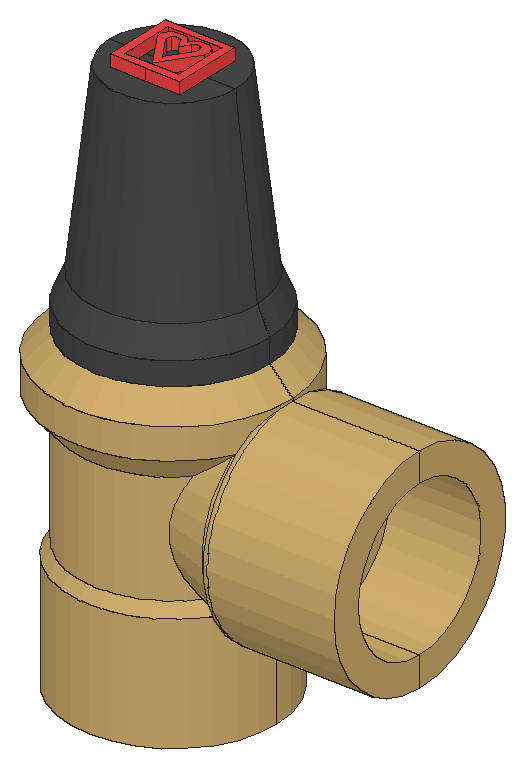
Revit family "pressure Relief safety valve 26xx", category Rohrzubehör, Revit 2019
Family settings
  Bemaßung runder Anschluss = Durchmesser verwenden
  Teiletyp = Normal
  OmniClass-Nummer = 23.65.55.14
  OmniClass-Titel = Valves for Liquid Services
  Arbeitsebenenbasiert = Nein
  Immer vertikal = Ja
  Beim Laden mit Abzugskörper schneiden = Nein
  Gemeinsam genutzt = Nein
Parameters (values of type "PN8")
  min. Temperature = 0 °C  # constant formula
  max. Temperature = 110 °C  # constant formula
  Weight [instance] = if(PN1.8, size_lookup("26XX_PN1.8", "Gewicht", 0.19, Nennweite), if(PN2.5, size_lookup("26XX_PN2.5", "Gewicht", 0.19, Nennweite), if(PN3, size_lookup("26XX_PN3", "Gewicht", 0.19, Nennweite), if(PN4, size_lookup("26XX_PN4", "Gewicht", 0.19, Nennweite), if(PN5, size_lookup("26XX_PN5", "Gewicht", 0.19, Nennweite), if(PN6, size_lookup("26XX_PN6", "Gewicht", 0.19, Nennweite), if(PN8, size_lookup("26XX_PN8", "Gewicht", 0.19, Nennweite), size_lookup("26XX_PN10", "Gewicht", 269501, Nennweite))))))))  # 0.118
  WS01 = 70.00°  # constant formula
  URL = "www.herzvalves.com"
  Spring = "spring steel W.Nr. 1.4310"  # constant formula
  SCRNSEQ = "AWI;AWI_TYP=\"1015\";2"
  SCRNCODE = "05;21;02"  # constant formula
  S03 = 10.5000 mm  # constant formula
  S02 [instance] = H02 + H05  # 47.5000 mm
  S01 = 8.0000 mm  # constant formula
  R11 = 1.0000 mm  # constant formula
  R10 [instance] = (Nennweite Aus / 2) + 3.8000 mm  # 13.8000 mm
  R09 [instance] = Nennweite Aus / 2  # 10.0000 mm
  R08 [instance] = (Nennweite / 2) + 3.5000 mm  # 11.0000 mm
  R07 [instance] = R08 - 2.8000 mm  # 8.2000 mm
  R06 [instance] = Nennweite / 2  # 7.5000 mm
  R05 [instance] = Nennweite / 2  # 7.5000 mm
  R04 [instance] = if(PN1.8, size_lookup("26XX_PN1.8", "SW", 40.0000 mm, Nennweite), if(PN2.5, size_lookup("26XX_PN2.5", "SW", 40.0000 mm, Nennweite), if(PN3, size_lookup("26XX_PN3", "SW", 40.0000 mm, Nennweite), if(PN4, size_lookup("26XX_PN4", "SW", 40.0000 mm, Nennweite), if(PN5, size_lookup("26XX_PN5", "SW", 40.0000 mm, Nennweite), if(PN6, size_lookup("26XX_PN6", "SW", 40.0000 mm, Nennweite), if(PN8, size_lookup("26XX_PN8", "SW", 40.0000 mm, Nennweite), size_lookup("26XX_PN10", "SW", 269501.0000 mm, Nennweite))))))))  # 13.5000 mm
  R03 [instance] = (Nennweite / 2) + 5.0000 mm  # 12.5000 mm
  R02 [instance] = R04 + 2.0000 mm  # 15.5000 mm
  Part number [instance] = if(PN1.8, size_lookup("26XX_PN1.8", "Artnr", 0, Nennweite), if(PN2.5, size_lookup("26XX_PN2.5", "Artnr", 0, Nennweite), if(PN3, size_lookup("26XX_PN3", "Artnr", 0, Nennweite), if(PN4, size_lookup("26XX_PN4", "Artnr", 0, Nennweite), if(PN5, size_lookup("26XX_PN5", "Artnr", 0, Nennweite), if(PN6, size_lookup("26XX_PN6", "Artnr", 0, Nennweite), if(PN8, size_lookup("26XX_PN8", "Artnr", 0, Nennweite), size_lookup("26XX_PN10", "Artnr", 0, Nennweite))))))))  # 1268501
  PN8 = yes
  PN6 = no
  PN5 = no
  PN4 = no
  PN3 = no
  PN2.5 = no
  PN10 = no
  PN1.8 = no
  Nennweite Aus [instance] = if(PN1.8, size_lookup("26XX_PN1.8", "DN1", 38.1000 mm, Nennweite), if(PN2.5, size_lookup("26XX_PN2.5", "DN1", 38.1000 mm, Nennweite), if(PN3, size_lookup("26XX_PN3", "DN1", 38.1000 mm, Nennweite), if(PN4, size_lookup("26XX_PN4", "DN1", 38.1000 mm, Nennweite), if(PN5, size_lookup("26XX_PN5", "DN1", 38.1000 mm, Nennweite), if(PN6, size_lookup("26XX_PN6", "DN1", 38.1000 mm, Nennweite), if(PN8, size_lookup("26XX_PN8", "DN1", 38.1000 mm, Nennweite), size_lookup("26XX_PN10", "DN1", 38.1000 mm, Nennweite))))))))  # 20.0000 mm
  Nennweite [instance] = 15.0000 mm
  Name plate = "plastic PA6"  # constant formula
  Medium = "water purity in accordance with the ÖNORM H 5195 and VDI 2035 standards"
  Lid = "plastic PA6 (DN15-20), CW617N (DN25-32)"  # constant formula
  LO1 [instance] = H02 + H05 - 1.0000 mm  # 46.5000 mm
  L02 [instance] = if(PN1.8, size_lookup("26XX_PN1.8", "L2", 17.5000 mm, Nennweite), if(PN2.5, size_lookup("26XX_PN2.5", "L2", 17.5000 mm, Nennweite), if(PN3, size_lookup("26XX_PN3", "L2", 17.5000 mm, Nennweite), if(PN4, size_lookup("26XX_PN4", "L2", 17.5000 mm, Nennweite), if(PN5, size_lookup("26XX_PN5", "L2", 17.5000 mm, Nennweite), if(PN6, size_lookup("26XX_PN6", "L2", 17.5000 mm, Nennweite), if(PN8, size_lookup("26XX_PN8", "L2", 17.5000 mm, Nennweite), size_lookup("26XX_PN10", "L2", 269501.0000 mm, Nennweite))))))))  # 17.5000 mm
  L01 [instance] = if(PN1.8, size_lookup("26XX_PN1.8", "L1", 12.0000 mm, Nennweite), if(PN2.5, size_lookup("26XX_PN2.5", "L1", 12.0000 mm, Nennweite), if(PN3, size_lookup("26XX_PN3", "L1", 12.0000 mm, Nennweite), if(PN4, size_lookup("26XX_PN4", "L1", 12.0000 mm, Nennweite), if(PN5, size_lookup("26XX_PN5", "L1", 12.0000 mm, Nennweite), if(PN6, size_lookup("26XX_PN6", "L1", 12.0000 mm, Nennweite), if(PN8, size_lookup("26XX_PN8", "L1", 12.0000 mm, Nennweite), size_lookup("26XX_PN10", "L1", 269501.0000 mm, Nennweite))))))))  # 12.0000 mm
  L00 [instance] = if(PN1.8, size_lookup("26XX_PN1.8", "L", 52.0000 mm, Nennweite), if(PN2.5, size_lookup("26XX_PN2.5", "L", 52.0000 mm, Nennweite), if(PN3, size_lookup("26XX_PN3", "L", 52.0000 mm, Nennweite), if(PN4, size_lookup("26XX_PN4", "L", 52.0000 mm, Nennweite), if(PN5, size_lookup("26XX_PN5", "L", 52.0000 mm, Nennweite), if(PN6, size_lookup("26XX_PN6", "L", 52.0000 mm, Nennweite), if(PN8, size_lookup("26XX_PN8", "L", 52.0000 mm, Nennweite), size_lookup("26XX_PN10", "L", 269501.0000 mm, Nennweite))))))))  # 32.0000 mm
  Internal threaded connectors = "acc. to ISO 228-1"  # constant formula
  H08 [instance] = if(PN1.8, size_lookup("26XX_PN1.8", "H8", 21.0000 mm, Nennweite), if(PN2.5, size_lookup("26XX_PN2.5", "H8", 21.0000 mm, Nennweite), if(PN3, size_lookup("26XX_PN3", "H8", 21.0000 mm, Nennweite), if(PN4, size_lookup("26XX_PN4", "H8", 21.0000 mm, Nennweite), if(PN5, size_lookup("26XX_PN5", "H8", 21.0000 mm, Nennweite), if(PN6, size_lookup("26XX_PN6", "H8", 21.0000 mm, Nennweite), if(PN8, size_lookup("26XX_PN8", "H8", 21.0000 mm, Nennweite), size_lookup("26XX_PN10", "H8", 269501.0000 mm, Nennweite))))))))  # 6.5000 mm
  H07 [instance] = if(PN1.8, size_lookup("26XX_PN1.8", "H7", 3.0000 mm, Nennweite), if(PN2.5, size_lookup("26XX_PN2.5", "H7", 3.0000 mm, Nennweite), if(PN3, size_lookup("26XX_PN3", "H7", 3.0000 mm, Nennweite), if(PN4, size_lookup("26XX_PN4", "H7", 3.0000 mm, Nennweite), if(PN5, size_lookup("26XX_PN5", "H7", 3.0000 mm, Nennweite), if(PN6, size_lookup("26XX_PN6", "H7", 3.0000 mm, Nennweite), if(PN8, size_lookup("26XX_PN8", "H7", 3.0000 mm, Nennweite), size_lookup("26XX_PN10", "H7", 269501.0000 mm, Nennweite))))))))  # 3.0000 mm
  H06 [instance] = if(PN1.8, size_lookup("26XX_PN1.8", "H6", 15.0000 mm, Nennweite), if(PN2.5, size_lookup("26XX_PN2.5", "H6", 15.0000 mm, Nennweite), if(PN3, size_lookup("26XX_PN3", "H6", 15.0000 mm, Nennweite), if(PN4, size_lookup("26XX_PN4", "H6", 15.0000 mm, Nennweite), if(PN5, size_lookup("26XX_PN5", "H6", 15.0000 mm, Nennweite), if(PN6, size_lookup("26XX_PN6", "H6", 15.0000 mm, Nennweite), if(PN8, size_lookup("26XX_PN8", "H6", 15.0000 mm, Nennweite), size_lookup("26XX_PN10", "H6", 269501.0000 mm, Nennweite))))))))  # 15.0000 mm
  H05 [instance] = if(PN1.8, size_lookup("26XX_PN1.8", "H5", 30.0000 mm, Nennweite), if(PN2.5, size_lookup("26XX_PN2.5", "H5", 30.0000 mm, Nennweite), if(PN3, size_lookup("26XX_PN3", "H5", 30.0000 mm, Nennweite), if(PN4, size_lookup("26XX_PN4", "H5", 30.0000 mm, Nennweite), if(PN5, size_lookup("26XX_PN5", "H5", 30.0000 mm, Nennweite), if(PN6, size_lookup("26XX_PN6", "H5", 30.0000 mm, Nennweite), if(PN8, size_lookup("26XX_PN8", "H5", 30.0000 mm, Nennweite), size_lookup("26XX_PN10", "H5", 269501.0000 mm, Nennweite))))))))  # 30.5000 mm
  H04 [instance] = if(PN1.8, size_lookup("26XX_PN1.8", "H4", 12.0000 mm, Nennweite), if(PN2.5, size_lookup("26XX_PN2.5", "H4", 12.0000 mm, Nennweite), if(PN3, size_lookup("26XX_PN3", "H4", 12.0000 mm, Nennweite), if(PN4, size_lookup("26XX_PN4", "H4", 12.0000 mm, Nennweite), if(PN5, size_lookup("26XX_PN5", "H4", 12.0000 mm, Nennweite), if(PN6, size_lookup("26XX_PN6", "H4", 12.0000 mm, Nennweite), if(PN8, size_lookup("26XX_PN8", "H4", 12.0000 mm, Nennweite), size_lookup("26XX_PN10", "H4", 269501.0000 mm, Nennweite))))))))  # 12.0000 mm
  H00 [instance] = if(PN1.8, size_lookup("26XX_PN1.8", "H", 72.0000 mm, Nennweite), if(PN2.5, size_lookup("26XX_PN2.5", "H", 72.0000 mm, Nennweite), if(PN3, size_lookup("26XX_PN3", "H", 72.0000 mm, Nennweite), if(PN4, size_lookup("26XX_PN4", "H", 72.0000 mm, Nennweite), if(PN5, size_lookup("26XX_PN5", "H", 72.0000 mm, Nennweite), if(PN6, size_lookup("26XX_PN6", "H", 72.0000 mm, Nennweite), if(PN8, size_lookup("26XX_PN8", "H", 72.0000 mm, Nennweite), size_lookup("26XX_PN10", "H", 269501.0000 mm, Nennweite))))))))  # 72.0000 mm
  H03 [instance] = if(PN1.8, size_lookup("26XX_PN1.8", "H3", 4.0000 mm, Nennweite), if(PN2.5, size_lookup("26XX_PN2.5", "H3", 4.0000 mm, Nennweite), if(PN3, size_lookup("26XX_PN3", "H3", 4.0000 mm, Nennweite), if(PN4, size_lookup("26XX_PN4", "H3", 4.0000 mm, Nennweite), if(PN5, size_lookup("26XX_PN5", "H3", 4.0000 mm, Nennweite), if(PN6, size_lookup("26XX_PN6", "H3", 4.0000 mm, Nennweite), if(PN8, size_lookup("26XX_PN8", "H3", 4.0000 mm, Nennweite), size_lookup("26XX_PN10", "H3", 269501.0000 mm, Nennweite))))))))  # 4.0000 mm
  H02 [instance] = H00 - (H01 + H05)  # 17.0000 mm
  H01 [instance] = if(PN1.8, size_lookup("26XX_PN1.8", "H1", 30.0000 mm, Nennweite), if(PN2.5, size_lookup("26XX_PN2.5", "H1", 30.0000 mm, Nennweite), if(PN3, size_lookup("26XX_PN3", "H1", 30.0000 mm, Nennweite), if(PN4, size_lookup("26XX_PN4", "H1", 30.0000 mm, Nennweite), if(PN5, size_lookup("26XX_PN5", "H1", 30.0000 mm, Nennweite), if(PN6, size_lookup("26XX_PN6", "H1", 30.0000 mm, Nennweite), if(PN8, size_lookup("26XX_PN8", "H1", 30.0000 mm, Nennweite), size_lookup("26XX_PN10", "H1", 24.5000 mm, Nennweite))))))))  # 24.5000 mm
  Hersteller = "Herz-Armaturen GmbH"  # constant formula
  Field of application = "HERZ pressure relief valve is used as a protective element on the central heating boilers and in closed heating systems.\r\nit protects the boiler and installation against increased pressure.\r\nopening pressure is equal to the nominal pressure."
  Diaphragm = "VMQ-Silicon 50 Sha"  # constant formula
  DN32 [instance] = Nennweite = 32.0000 mm  # no
  DN25 [instance] = Nennweite = 25.0000 mm  # no
  DN20 [instance] = Nennweite = 20.0000 mm  # no
  DN15 [instance] = Nennweite = 15.0000 mm  # yes
  Cap = "plastic PA6"  # constant formula
  Body = "forged brass acc. to EN12165, CW617N"  # constant formula
Types (9, lengths in mm): name | Weight | S02 | R10 | R09 | R08 | R07 | R06 | R05 | R04 | R03 | R02 | Part number | PN8 | PN6 | PN5 | PN4 | PN3 | PN2.5 | PN10 | PN1.8 | Nennweite Aus | Nennweite | LO1 | L00 | H08 | H05 | H00 | H02 | H01 | DN32 | DN25 | DN20 | DN15
  (no name) | 0.118 | 47.5000 | 13.8000 | 10.0000 | 11.0000 | 8.2000 | 7.5000 | 7.5000 | 13.5000 | 12.5000 | 15.5000 | 1268501 | yes | no | no | no | no | no | no | no | 20.0000 | 15.0000 | 46.5000 | 32.0000 | 6.5000 | 30.5000 | 72.0000 | 17.0000 | 24.5000 | no | no | no | yes
  PN1.8 | 0.19 | 44.7500 | 16.3000 | 12.5000 | 13.5000 | 10.7000 | 10.0000 | 10.0000 | 16.0000 | 15.0000 | 18.0000 | 1261802 | no | no | no | no | no | no | no | yes | 25.0000 | 20.0000 | 43.7500 | 35.0000 | 9.7500 | 25.0000 | 72.0000 | 19.7500 | 27.2500 | no | no | yes | no
  PN2.5 | 0.118 | 47.5000 | 13.8000 | 10.0000 | 11.0000 | 8.2000 | 7.5000 | 7.5000 | 13.5000 | 12.5000 | 15.5000 | 1261101 | no | no | no | no | no | yes | no | no | 20.0000 | 15.0000 | 46.5000 | 32.0000 | 6.5000 | 30.5000 | 72.0000 | 17.0000 | 24.5000 | no | no | no | yes
  PN3 | 0.728 | 64.2500 | 23.8000 | 20.0000 | 19.5000 | 16.7000 | 16.0000 | 16.0000 | 25.0000 | 21.0000 | 27.0000 | 1261004 | no | no | no | no | yes | no | no | no | 40.0000 | 32.0000 | 63.2500 | 52.0000 | 21.5000 | 32.7500 | 97.0000 | 31.5000 | 32.7500 | yes | no | no | no
  PN4 | 0.118 | 47.5000 | 13.8000 | 10.0000 | 11.0000 | 8.2000 | 7.5000 | 7.5000 | 13.5000 | 12.5000 | 15.5000 | 1261501 | no | no | no | yes | no | no | no | no | 20.0000 | 15.0000 | 46.5000 | 32.0000 | 6.5000 | 30.5000 | 72.0000 | 17.0000 | 24.5000 | no | no | no | yes
  PN5 | 0.54 | 67.0000 | 19.8000 | 16.0000 | 16.0000 | 13.2000 | 12.5000 | 12.5000 | 20.5000 | 17.5000 | 22.5000 | 1265703 | no | no | yes | no | no | no | no | no | 32.0000 | 25.0000 | 66.0000 | 50.0000 | 13.0000 | 44.0000 | 97.0000 | 23.0000 | 30.0000 | no | yes | no | no
  PN6 | 0.118 | 47.5000 | 13.8000 | 10.0000 | 11.0000 | 8.2000 | 7.5000 | 7.5000 | 13.5000 | 12.5000 | 15.5000 | 1261301 | no | yes | no | no | no | no | no | no | 20.0000 | 15.0000 | 46.5000 | 32.0000 | 6.5000 | 30.5000 | 72.0000 | 17.0000 | 24.5000 | no | no | no | yes
  PN8 | 0.118 | 47.5000 | 13.8000 | 10.0000 | 11.0000 | 8.2000 | 7.5000 | 7.5000 | 13.5000 | 12.5000 | 15.5000 | 1268501 | yes | no | no | no | no | no | no | no | 20.0000 | 15.0000 | 46.5000 | 32.0000 | 6.5000 | 30.5000 | 72.0000 | 17.0000 | 24.5000 | no | no | no | yes
  PN10 | 0.118 | 47.5000 | 13.8000 | 10.0000 | 11.0000 | 8.2000 | 7.5000 | 7.5000 | 13.5000 | 12.5000 | 15.5000 | 1269501 | no | no | no | no | no | no | yes | no | 20.0000 | 15.0000 | 46.5000 | 32.0000 | 6.5000 | 30.5000 | 72.0000 | 17.0000 | 24.5000 | no | no | no | yes
Reference planes
  plane 1 "Mitte (Vorne/hinten)": y = 0
  plane 2: z = 0
  plane 3 "Mitte (Links/rechts)": x = 0
Forms (mm)
  Revolve 1, solid, material "Kunststoff schwarz", detail levels fine
    sketch origin (0, 0, 0) x (1, 0, 0) y (0, 0, 1)
      loop
        line (0, 47.5) -> (-8.2, 47.5) -> (-11, 23.493) -> (-12.5, 20) -> (-12.5, 17) -> (0, 17) -> (0, 47.5)
      axis (0, 47.5) -> (0, 17)
    angle from 0 to 360
  Revolve 2, solid, material "Messing", detail levels fine
    sketch origin (0, 0, 0) x (1, 0, 0) y (0, 0, 1)
      loop
        line (-15.5, 14) -> (-15.5, 10) -> (-12.5, 6.5) -> (-12.5, -7.886) -> (-13.5, -9.5) -> (-13.5, -24.5) -> (-7.5, -24.5) -> (-7.5, -12.5) -> (0, -12.5) -> (0, 17) -> (-12.5, 17) -> (-15.5, 14)
      axis (0, 17) -> (0, -24.5)
    angle from 0 to 360
  Revolve 3, solid, material "Messing", detail levels fine
    sketch origin (18.5, 0, 0) x (1, 0, 0) y (0, 0, 1)
      loop
        line (13.5, 10) -> (13.5, 13.8) -> (-3.06, 13.8)
        arc (-3.06, 13.8) -> (-3.634, 13.619) -> (-4, 13.142) r 1
        arc (-4, 13.142) -> (-4.293, 12.435) -> (-5, 12.142) r 1
        line (-5, 12.142) -> (-18.5, 7.5) -> (-18.5, 0) -> (1.5, 0) -> (1.5, 10) -> (13.5, 10)
      axis (-18.5, 0) -> (13.5, 0)
    angle from 0 to 360
Lines and regions (mm)
  model lines, detail levels coarse+medium
    curve 1: line (0.003, 0, -0.007) -> (0.003, 0, 47.5)
    curve 2: line (0.003, 0, -0.007) -> (-13.5, 0, -24.5)
    curve 3: line (-13.5, 0, -24.5) -> (13.5, 0, -24.5)
    curve 4: line (13.5, 0, -24.5) -> (0.003, 0, -0.007)
    curve 5: line (0.003, 0, -0.007) -> (32, 0, -13.8)
    curve 6: line (32, 0, -13.8) -> (32, 0, 13.8)
    curve 7: line (32, 0, 13.8) -> (0.003, 0, -0.007)
    curve 8: line (-10.5, 0, 48.643) -> (10.5, 0, 41)
    curve 9: line (-10.5, 0, 40.643) -> (10.5, 0, 33)
    curve 10: line (-10.5, 0, 32.643) -> (10.5, 0, 25)
    curve 11: line (-10.5, 0, 24.643) -> (10.5, 0, 17)
    curve 12: line (0, 0, 0) -> (32, 13.8, 0)
    curve 13: line (32, 13.8, 0) -> (32, -13.8, 0)
    curve 14: line (32, -13.8, 0) -> (0, 0, 0)
    curve 15: line (0, 0, 0) -> (-13.5, -24.5, 0)
    curve 16: line (-13.5, -24.5, 0) -> (13.5, -24.5, 0)
    curve 17: line (13.5, -24.5, 0) -> (0, 0, 0)
    curve 18: line (0, 0, 0) -> (0, 47.5, 0)
    curve 19: line (-10.5, 48.643, 0) -> (10.5, 41, 0)
    curve 20: line (-10.5, 40.643, 0) -> (10.5, 33, 0)
    curve 21: line (-10.5, 32.643, 0) -> (10.5, 25, 0)
    curve 22: line (-10.5, 24.643, 0) -> (10.5, 17, 0)
Dimensions and locks
  "R03": Revolve 2 sketch curve to Revolve 2 sketch curve  (x2)
  "R02": Revolve 2 sketch curve to Revolve 2 sketch curve
  "R04": Revolve 2 sketch curve to Revolve 2 sketch curve
  "R05": Revolve 2 sketch curve to Revolve 2 sketch curve
  "H01": level to Revolve 2 sketch curve
  "H02": Revolve 2 sketch curve to level
  "R03": Revolve 1 sketch curve to Revolve 1 sketch curve
  "R07": Revolve 1 sketch curve to Revolve 1 sketch curve
  "R08": Revolve 1 sketch curve to Revolve 1 sketch curve
  "R06": Revolve 3 sketch curve to Revolve 3 sketch curve
  "R09": Revolve 3 sketch curve to Revolve 3 sketch curve
  "R10": Revolve 3 sketch curve to Revolve 3 sketch curve
  "L00": Revolve 3 sketch curve to Revolve 3 sketch curve
  "H05": Revolve 1 sketch curve to Revolve 1 sketch curve
  "L01": Revolve 3 sketch curve to Revolve 3 sketch curve
  "H04": Revolve 2 sketch curve to Revolve 2 sketch curve
  "L02": Revolve 3 sketch curve to Revolve 3 sketch curve
  "H06": Revolve 2 sketch curve to Revolve 2 sketch curve
  "H02": Revolve 1 sketch curve to plane 2
  "H00": Revolve 1 to Revolve 2
  "H07": Revolve 2 sketch curve to Revolve 2 sketch curve
  "H07": Revolve 1 sketch curve to Revolve 1 sketch curve
  "H08": Revolve 2 sketch curve to plane 2
  "S02": curve 1 to plane 2
  "H01": plane 2 to curve 3
  "R04": curve 4 to plane 3 "Mitte (Links/rechts)" to curve 3
  "L00": curve 6 to plane 3 "Mitte (Links/rechts)"
  "R10": curve 7 to plane 2 to curve 6
  "S03": curve 8 to plane 3 "Mitte (Links/rechts)" to curve 8
  "S01": curve 8 to curve 9
  "S01": curve 9 to curve 10
  "S01": curve 10 to curve 11
  "H02": curve 11 to plane 2
  "L00": plane 3 "Mitte (Links/rechts)" to curve 13
  "R10": curve 14 to plane 1 "Mitte (Vorne/hinten)" to curve 13
  "H01": curve 16 to plane 1 "Mitte (Vorne/hinten)"
  "R04": curve 16 to plane 3 "Mitte (Links/rechts)" to curve 17
  "S02": plane 1 "Mitte (Vorne/hinten)" to curve 18
  "S03": curve 19 to plane 3 "Mitte (Links/rechts)" to curve 19
  "S01": curve 19 to curve 20
  "S01": curve 20 to curve 21
  "S01": curve 21 to curve 22
  "H02": plane 1 "Mitte (Vorne/hinten)" to curve 22
  "S02": nested 1 to plane 2
  "R11": radius of Revolve 3 sketch curve  (x2)
  "WS01": angle plane 3 "Mitte (Links/rechts)" to curve 8
  "WS01": angle plane 3 "Mitte (Links/rechts)" to curve 9
  "WS01": angle plane 3 "Mitte (Links/rechts)" to curve 10
  "WS01": angle plane 3 "Mitte (Links/rechts)" to curve 11
  "WS01": angle plane 3 "Mitte (Links/rechts)" to curve 19
  "WS01": angle plane 3 "Mitte (Links/rechts)" to curve 20
  "WS01": angle plane 3 "Mitte (Links/rechts)" to curve 21
  "WS01": angle plane 3 "Mitte (Links/rechts)" to curve 22
  aligned and locked: level to plane 2
Automatic sketch dimensions
  plane 3 "Mitte (Links/rechts)" to curve 4 = 0.0034 mm
  curve 4 to level = 0.0072 mm
  curve 11 to plane 3 "Mitte (Links/rechts)" = 10.5000 mm
  curve 10 to curve 11 = 0.0000 mm
  curve 8 to curve 9 = 0.0000 mm
  plane 1 "Mitte (Vorne/hinten)" to curve 14 = 0.0000 mm
  curve 14 to plane 3 "Mitte (Links/rechts)" = 0.0000 mm
  curve 20 to curve 19 = 0.0000 mm
  curve 21 to curve 20 = 0.0000 mm
  curve 22 to curve 21 = 0.0000 mm
  Revolve 1 sketch curve to plane 3 "Mitte (Links/rechts)" = 0.0000 mm  (x2)
  Revolve 1 sketch curve to Revolve 1 sketch curve = 3.4935 mm
  Revolve 1 sketch curve to level = 366.0447 mm
  Revolve 1 sketch curve to Revolve 1 sketch curve = 0.0000 mm
  Revolve 2 sketch curve to plane 3 "Mitte (Links/rechts)" = 0.0000 mm  (x2)
  Revolve 2 sketch curve to Revolve 2 sketch curve = 1.6143 mm
  Revolve 2 sketch curve to Revolve 2 sketch curve = 4.0000 mm
  Revolve 2 sketch curve to Revolve 2 sketch curve = 336.0447 mm
  Revolve 2 sketch curve to Revolve 2 sketch curve = 2186.6924 mm
  Revolve 3 sketch curve to level = 0.0000 mm  (x2)
  Revolve 3 sketch curve to plane 3 "Mitte (Links/rechts)" = 0.0000 mm
  Revolve 3 sketch curve to Revolve 3 sketch curve = 0.9397 mm
  Revolve 3 sketch curve to Revolve 3 sketch curve = 1333.4903 mm
  Revolve 3 sketch curve to Revolve 3 sketch curve = 1867.4827 mm
Nested families
  nested 1: "Herz-Logo" at (0, 0, 47.5), type "Herz-Logo"
Connectors
  piping at (20, 0, 0), diameter 20, driven by "Nennweite Aus"
    settings: on Revolve 3, index 1, connector inside diameter 609.6 mm, connector length 0.0000 mm, flow factor 0, pipe flow 0.0 L/s, pressure drop 0.0 Pa, fitting loss kfactor 0, connector angle 0.00°, fixture units 0, engagement length 0.0000 mm, angle of deflection 0.00°, flow configuration 0, flow direction 2, fitting loss method 0, system type 29, joint type 0, gender type 0, connector reference index -1, connector utility 0, adjustable connector no, is connector primary yes, connector description ""
  piping at (0, 0, -12.5), diameter 15, driven by "Nennweite"
    settings: on Revolve 2, index 2, connector inside diameter 609.6 mm, connector length 0.0000 mm, flow factor 0, pipe flow 0.0 L/s, pressure drop 0.0 Pa, fitting loss kfactor 0, connector angle 0.00°, fixture units 0, engagement length 0.0000 mm, angle of deflection 0.00°, flow configuration 0, flow direction 1, fitting loss method 0, system type 29, joint type 0, gender type 0, connector reference index -1, connector utility 0, adjustable connector no, is connector primary no, connector description ""
Definition of nested family "Herz-Logo"
  Reference planes
    plane 1 "Mitte (Vorne/hinten)": y = 0
    plane 2: z = 0
    plane 3 "Mitte (Links/rechts)": x = 0
  Forms (mm)
    Extrusion 1, solid
      sketch origin (0, 0, 0) x (1, 0, 0) y (0, 1, 0)
        loop
          line (-0.018, -4.517) -> (4.482, -4.517) -> (4.482, 4.483) -> (-4.518, 4.483) -> (-4.518, -4.517) -> (-0.018, -4.517)
        loop
          line (-0.05, -3.48) -> (3.482, -3.48) -> (3.482, 3.483) -> (-3.518, 3.483) -> (-3.518, -3.48) -> (-0.05, -3.48)
        loop
          arc (-0.018, 2.383) -> (-1.543, 3.287) -> (-3.067, 2.383) r 1.738
          arc (-3.067, 2.383) -> (-3.191, 1.899) -> (-3.067, 1.415) r 1.009
          line (-3.067, 1.415) -> (-0.018, -3.281) -> (3.032, 1.415)
          arc (3.032, 1.415) -> (3.156, 1.899) -> (3.032, 2.383) r 1.009
          arc (3.032, 2.383) -> (1.507, 3.287) -> (-0.018, 2.383) r 1.738
        loop
          arc (1.885, 1.272) -> (2.005, 1.675) -> (1.885, 2.079) r 0.74
          arc (1.885, 2.079) -> (1.265, 2.416) -> (0.644, 2.079) r 0.74
          line (0.644, 2.079) -> (-0.018, 0.97) -> (-0.679, 2.079)
          arc (-0.679, 2.079) -> (-1.3, 2.416) -> (-1.921, 2.079) r 0.74
          arc (-1.921, 2.079) -> (-2.04, 1.675) -> (-1.921, 1.272) r 0.74
          line (-1.921, 1.272) -> (-0.018, -1.658) -> (1.885, 1.272)
      from 0 to 1.5
  Dimensions and locks
    aligned and locked: level to plane 2
